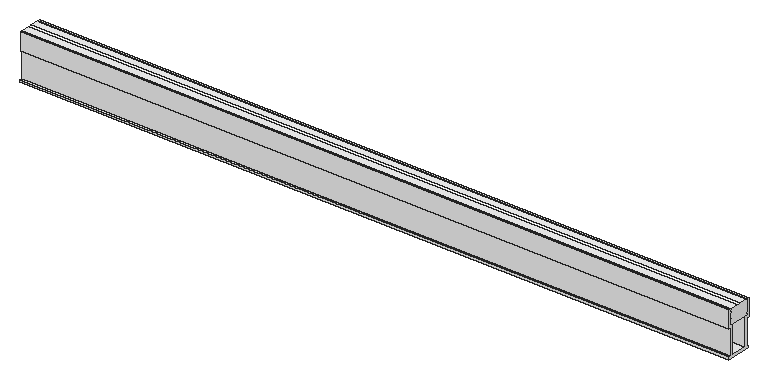
Revit family "4070757+4070745 Feilo Sylvania Lighting Fixture CURSUS 876MM 548LM WIDE LED 3K with FRAMED ROUGH IN HOUSING", category Lighting Fixtures, host Face, Revit 2017
Family settings
  Host = Face
  Round Connector Dimension = Use Diameter
  Part Type = Normal
  OmniClass Number = 23.80.70.14
  OmniClass Title = Luminaries for External Lighting
  Cut with Voids When Loaded = Yes
  Light Source = Yes
  Shared = No
  Room Calculation Point = No
Parameters (values of type "4070757 CURSUS 876MM 548LM WIDE LED 3K")
  Width = 30 mm
  Weight = "1.7 kg"
  Wattage Comments = "n/a"
  Wattage = 13.5 W
  WarrantyStartDate [instance] = "n/a"
  WarrantyGuarantorParts = "n/a"
  WarrantyDurationUnit = "n/a"
  WarrantyDurationParts = "n/a"
  WarrantyDescription = "n/a"
  built-in parameter 1150110 = 1 (stored number, unit not read)
  Voltage = 24 V
  URL = "http://www.sylvania-lighting.com"
  TypeName = "CURSUS 876MM 548LM WIDE LED 3K"
  Type Image = <None>
  Type Comments = "n/a"
  built-in parameter 1114217 = 1 (stored number, unit not read)
  Tilt Angle = -90.00°
  built-in parameter 1150109 = 1 (stored number, unit not read)
  built-in parameter 1150134 = (empty or 0)
  built-in parameter 1150113 = 1 (stored number, unit not read)
  SerialNumber [instance] = "n/a"
  Material_3_FEILO = none
  PowerFactor = 0
  PowerConsumption = "13.5 W"
  Photometric Web File = "4070757.ies"
  NominalLength = 876 mm
  NominalHeight = 50 mm
  NominalDepth = Width  # 30 mm
  Name = "CURSUS 876MM 548LM WIDE LED 3K"
  ModelReference = Name  # "CURSUS 876MM 548LM WIDE LED 3K"
  ModelNumber = "4070757"
  Model = Name  # "CURSUS 876MM 548LM WIDE LED 3K"
  Material = "natural anodised extruded aluminium structure housing"
  ManufacturerName = "Feilo Sylvania"
  Manufacturer = "Feilo Sylvania"
  LuminousEfficacy = "40.59 lm/W"
  built-in parameter 1150105 = 302.47 (stored number, unit not read)
  Lumens = 548 lm
  LuminaireType = ""
  built-in parameter 1150115 = 1 (stored number, unit not read)
  LightOutputRatio = "100"
  built-in parameter 1150137 = (empty or 0)
  built-in parameter 1150139 = (empty or 0)
  LengthVoidExtrusionRight [instance] = if(EndCapRight, Length / 2, Length / 2 - 2.5 mm)  # 438.5 mm
  LengthVoidExtrusionLeft [instance] = if(EndCapLeft, Length / 2, Length / 2 - 2.5 mm)  # 438.5 mm
  Length = 882 mm
  LampsType = Lamp  # "LED"
  LampNominalLuminous = "548 lm"
  LampMacAdamStep = "n/a"
  LampColourTemperature = "3000 K"
  LampColourRenderingIndex = "80"
  built-in parameter 1150112 = 1 (stored number, unit not read)
  built-in parameter 1150114 = 1 (stored number, unit not read)
  Lamp = "LED"
  Keynote = "16500"
  InstallationDate [instance] = "n/a"
  InputVoltage = "24V DC"
  InputNominalFrequency = "n/a"
  built-in parameter 1150132 = (empty or 0)
  built-in parameter 1150102 = (empty or 0)
  built-in parameter 1150107 = 3000 (stored number, unit not read)
  built-in parameter 1150138 = (empty or 0)
  IngressProtection = "IP67"
  ImpactProtectionIndex = "IK07"
  built-in parameter 1150106 = 3.0247 (stored number, unit not read)
  IfcExportType = "IfcLightFixtureType"
  IfcExportAs = "IfcLightFixtureType"
  ExpectedLife = 50000
  EndCapRight [instance] = no
  EndCapLeft [instance] = no
  Emit from Rectangle Width = Width - 6 mm  # 24 mm
  Emit from Rectangle Length = Length - 6 mm  # 876 mm
  Emit Shape Visible in Rendering = no
  ElectricShockClassification = "Class III"
  built-in parameter 1150104 = 3.7712 (stored number, unit not read)
  DurationUnit = "hours"
  DocumentationLiterature = "http://www.sylvania-lighting.com/product/en-int/products/4070757"
  DimmingControlOptions = "n/a"
  Dimming Lamp Color Temperature Shift = <None>
  Material_2_FEILO = Diffuser-Sylvania-Glow
  Description = "LED Exterior Lighting Recessed Surface Mounted Linear Fixture, Natural anodised extruded aluminium structure. Die-cast aluminium end caps. Installation kit with harmonic steel springs., 548 lm, 13,5W, 40lm/W, 3000K, CRI80+,non dimmable,IP67, IK07, (HxWxD) 876x50x30mm, 3 step Mac Adam Ellipse, 1.7kg,, Classe III, 21-25V-DC, energy class : A++, A+, A"
  Default Elevation = 1219.2 mm
  CreatedOn = "1/8/2018"
  CreatedBy = ""
  Cost = 0
  Color Filter = 16777215
  built-in parameter 1114216 [instance] = (empty or 0)
  ClassificationValue = "EF_70_80"
  ClassificationName = "Uniclass2015"
  Material_1_FEILO = Body-Sylvania-Gray
  BarCode [instance] = "n/a"
  built-in parameter 1114218 = 1 (stored number, unit not read)
  built-in parameter 1150133 = 10 (stored number, unit not read)
  AssetType = "Fixed"
  AssetIdentifier [instance] = "n/a"
  Assembly Code = "D5020200"
  Apparent Load = 13.5 VA
  Material_4_FEILO = Diffuser-Sylvania-Glow
Reference planes
  plane 1 "Center (Front/Back)": y = 0
  plane 2: z = 0
  plane 3 "Center (Left/Right)": x = 0
  plane 4: y = 15
  plane 5: y = -15
  plane 6: x = 441
  plane 7: x = -441
  plane 8: x = -438.5
  plane 9: y = 12.5
  plane 10: y = -12.5
  plane 11: x = 438.5
  plane 12: z = -55
  plane 13: z = -52.5
  plane 14: z = -2
  plane 15: y = -10
  plane 16: z = -18
  plane 17: z = -20.5
  plane 18: y = 10
Forms (mm)
  Extrusion 1, solid, material "Body-Sylvania-Gray" <- "Material_1_FEILO"
    sketch origin (0, 0, -32.5) x (0, 1, 0) y (0, 0, 1)
      loop
        line (15, -22.5) -> (15, -20) -> (12.5, -20) -> (12.5, 12) -> (15, 12) -> (15, 32.5) -> (12.5, 32.5) -> (12.5, 14.5) -> (10, 14.5) -> (10, -20) -> (-10, -20) -> (-10, 14.5) -> (-12.5, 14.5) -> (-12.5, 32.5) -> (-15, 32.5) -> (-15, 12) -> (-12.5, 12) -> (-12.5, -20) -> (-15, -20) -> (-15, -22.5) -> (15, -22.5)
    from -438.5 to 438.5
  Extrusion 2, solid, material "Body-Sylvania-Gray" <- "Material_1_FEILO", visible <- "EndCapRight"
    sketch origin (441, 1524, 1219.2) x (0, 1, 0) y (0, 0, 1)
      loop
        line (-1539, -1274.2) -> (-1509, -1274.2) -> (-1509, -1219.2) -> (-1539, -1219.2) -> (-1539, -1274.2)
    from 0 to -2.5
  Extrusion 3, solid, material "Body-Sylvania-Gray" <- "Material_1_FEILO", visible <- "EndCapLeft"
    sketch origin (-441, 1524, 1219.2) x (0, 1, 0) y (0, 0, 1)
      loop
        line (-1539, -1274.2) -> (-1509, -1274.2) -> (-1509, -1219.2) -> (-1539, -1219.2) -> (-1539, -1274.2)
    from 0 to 2.5
  Extrusion 4, solid, material "Diffuser-Sylvania-Glow" <- "Material_2_FEILO"
    sketch origin (0, 0, 0) x (0, 1, 0) y (0, 0, 1)
      loop
        line (-12.5, 0) -> (-12.5, -18) -> (12.5, -18) -> (12.5, 0) -> (2, 0) -> (0, -2) -> (-2, 0) -> (-12.5, 0)
    from -438.5 to 438.5
  Extrusion 5, void
    sketch origin (0, 0, 0) x (1, 0, 0) y (0, 1, 0)
      loop
        line (-438.5, 15) -> (-438.5, -15) -> (438.5, -15) -> (438.5, 15) -> (-438.5, 15)
    from 0 to -55
Dimensions and locks
  equal spacing: plane 5, plane 1 "Center (Front/Back)", plane 4
  equal spacing: plane 7, plane 3 "Center (Left/Right)", plane 6
  "Length": plane 7 to plane 6
  equal spacing: plane 8, plane 3 "Center (Left/Right)", plane 11
  equal spacing: plane 10, plane 1 "Center (Front/Back)", plane 9
  locked: plane 5 to plane 10 at 2.5
  "Width": plane 5 to plane 4
  locked: plane 2 to plane 12 at 55
  locked: plane 12 to plane 13 at 2.5
  "LengthVoidExtrusionLeft": Extrusion 5 sketch curve to plane 3 "Center (Left/Right)"
  "LengthVoidExtrusionRight": plane 3 "Center (Left/Right)" to Extrusion 5 sketch curve
  plane 2 to plane 14 = 2 mm
  locked: plane 7 to plane 8 at 2.5
  locked: plane 2 to plane 16 at 18
  locked: plane 17 to plane 16 at 2.5
  equal spacing: plane 15, plane 1 "Center (Front/Back)", plane 18
  locked: plane 10 to plane 15 at 2.5
  locked: plane 14 to Extrusion 4 sketch curve (angle 45.00°)
  locked: Extrusion 4 sketch curve to plane 14 (angle 45.00°)
  aligned and locked: plane 2 to host face
  aligned and locked: level to host face
  aligned and locked: plane 4 to Extrusion 1 sketch curve
  aligned and locked: Extrusion 1 sketch curve to plane 5
  aligned and locked: plane 10 to Extrusion 1 sketch curve  (x2)
  aligned and locked: Extrusion 1 sketch curve to plane 9  (x2)
  aligned and locked: plane 8 to Extrusion 3
  aligned and locked: Extrusion 3 to plane 7
  aligned and locked: Extrusion 4 to plane 8
  aligned and locked: plane 11 to Extrusion 4
  aligned and locked: imposter light to plane 1 "Center (Front/Back)"
  aligned and locked: plane 3 "Center (Left/Right)" to imposter light
  aligned and locked: plane 12 to Extrusion 1
  aligned and locked: Extrusion 1 to plane 13
  aligned and locked: level to Extrusion 1  (x2)
  aligned and locked: plane 2 to imposter light
  aligned and locked: plane 11 to Extrusion 1
  aligned and locked: Extrusion 1 to plane 8
  aligned and locked: plane 12 to Extrusion 3 sketch curve
  aligned and locked: plane 5 to Extrusion 3 sketch curve
  aligned and locked: Extrusion 3 sketch curve to plane 4
  aligned and locked: Extrusion 2 sketch curve to plane 4
  aligned and locked: plane 5 to Extrusion 2 sketch curve
  aligned and locked: plane 12 to Extrusion 2 sketch curve
  aligned and locked: plane 9 to Extrusion 4 sketch curve
  aligned and locked: Extrusion 4 sketch curve to plane 10
  aligned and locked: Extrusion 5 sketch curve to plane 4
  aligned and locked: plane 5 to Extrusion 5 sketch curve
  aligned and locked: Extrusion 5 to Extrusion 1
  aligned and locked: level to Extrusion 5
  aligned and locked: plane 14 to Extrusion 4 sketch curve
  aligned and locked: Extrusion 4 sketch curve to plane 16
  aligned and locked: Extrusion 1 sketch curve to Extrusion 1 sketch curve  (x3)
  aligned and locked: Extrusion 1 sketch curve to Extrusion 4
  aligned and locked: plane 15 to Extrusion 1 sketch curve
  aligned and locked: plane 17 to Extrusion 1 sketch curve
  aligned and locked: plane 5 to Extrusion 1 sketch curve
  aligned and locked: Extrusion 1 sketch curve to plane 16
  aligned and locked: plane 18 to Extrusion 1 sketch curve
  aligned and locked: Extrusion 1 sketch curve to plane 17
  aligned and locked: Extrusion 1 sketch curve to Extrusion 2
Automatic sketch dimensions
  host sketch curve to host sketch curve = 2438.4 mm  (x2)
  Extrusion 3 sketch curve to level = 0 mm
  Extrusion 2 sketch curve to level = 0 mm
  Extrusion 4 sketch curve to level = 0 mm  (x2)
  Extrusion 4 sketch curve to plane 1 "Center (Front/Back)" = 0 mm
  plane 12 to Extrusion 1 sketch curve = 0 mm
  plane 13 to Extrusion 1 sketch curve = 0 mm
  Extrusion 1 sketch curve to level = 0 mm  (x2)
Connectors
  electrical at (0, 0, 0), driven by "Apparent Load", driven by "PowerFactor", driven by "Voltage"
    settings: index 1, voltage 24 V, apparent load 13.5 VA, apparent load phase1 0 VA, apparent load phase2 0 VA, apparent load phase3 0 VA, power factor 0, load classification "Lighting", number of poles 1, system type 30, power factor state 1, is connector primary yes, connector utility no, sub classification motor no, connector description ""
